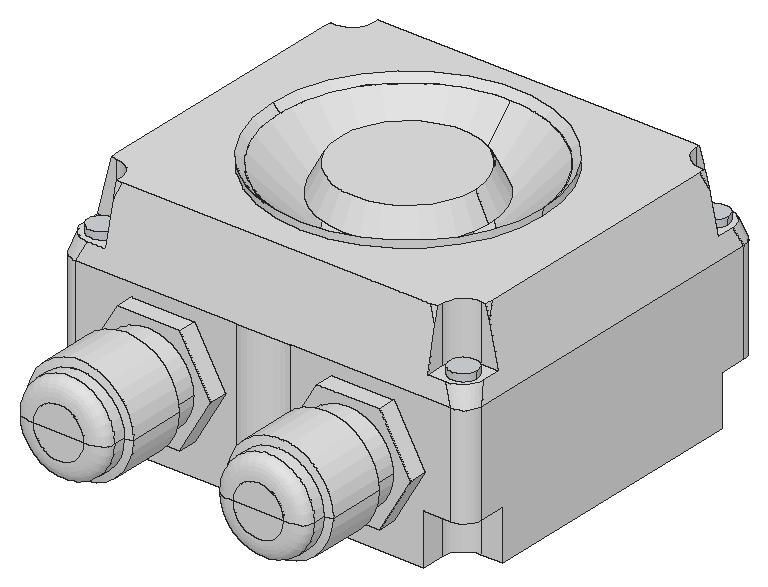
Revit family "Opoveshchatel zvukovoy «ALABAY»", category Датчики, Revit 2023
Family settings
  Размер круглого соединителя = Использовать диаметр
  Тип детали = Нормальный
  Номер OmniClass = 23.85.50.17
  Заголовок OmniClass = Communication and Data Processing Equipment
  На основе рабочей плоскости = Нет
  Всегда вертикально = Да
  При загрузке вырезать с полостями = Нет
  Сохранять ориентацию аннотаций = Нет
  Общий = Нет
  Точка принадлежности помещению = Нет
Parameters (values of type "Оповещатель звуковой «АЛАБАЙ» исп.00")
  Уровень громкости звукового сигнала на расстоянии 1 м, дБ = "Однотональный; - 95±3 дБ"
  Уровень громкости звукового сигнала на 1 м = "не менее 95±3 дБ"
  Ток потребления оповещателя = "20 мА"
  Тип вывода = "Гермовводы"
  Степень защиты обеспечиваемая оболочкой = "IP54"
  Средний срок службы оповещателя = "не менее 10 лет"
  Расстояние между отверстиями 2 = 107 mm
  Расстояние между отверстиями = 68 mm
  Питание, В = "12"
  Отметка по умолчанию = 0 mm
  Описание = "Оповещатель звуковой «АЛАБАЙ» предназначен для подачи звуковых сигналов (трехтональных, либо однотональных, в зависимости от вида исполнения) в системах автоматики, охранной или пожарной сигнализации, привлечения внимания персонала охраны объекта при аварии, тревоге или пожаре. Оповещатель звуковой предназначен для круглосуточной работы, под управляющим напряжением 12 В или 24 В."
  Напряжение питания = "12 (9-14) В"
  Метизы = Металл
  Изготовитель = "ООО НПП \"Магнито-Контакт\""
  Диапазон воспроизводимых частот = "от 200 до 5000 Гц"
  Вид исполнения = "00"
  URL = "https://m-kontakt.ru/produkt/opoveschateli/oz_alabay"
  ADSK_Размер_Ширина = 121 mm
  ADSK_Размер_Длина = 157 mm
  ADSK_Размер_Высота = 67 mm
  ADSK_Примечание = "Оповещатель звуковой устойчив к изменению напряжения питания в диапазоне от 0.75 до 1.15 от номинального значения напряжения питания.Оповещатель звуковой выпускается в климатическом исполнении УХЛ4 по ГОСТ 15150-69. Условия эксплуатации: окружающий воздух с относительной влажностью до 93% при температуре 40°С и с температурой от -40 до +55°С.Соответствует требованиям 2-ой степени жесткости ГОСТ Р 50397 по электромагнитной совместимости."
  ADSK_Обозначение = "АТФЕ.425542.193"
  ADSK_Наименование = "Оповещатель звуковой «АЛАБАЙ»"
  ADSK_Материал = Пластик белый
  ADSK_Масса = 0.5
  ADSK_Завод-изготовитель = "ООО НПП «МАГНИТО-КОНТАКТ»"
  ADSK_Единица измерения = "шт."
Types (8, lengths in mm): name | Уровень громкости звукового сигнала на расстоянии 1 м, дБ | Ток потребления оповещателя | Тип вывода | Питание, В | Напряжение питания | Вид исполнения
  (no name) | "Однотональный; - 95±3 дБ" | "20 мА" | "Гермовводы" | "12" | "12 (9-14) В" | "00"
  Оповещатель звуковой «АЛАБАЙ» исп.00 | "Однотональный; - 95±3 дБ" | "20 мА" | "Гермовводы" | "12" | "12 (9-14) В" | "00"
  Оповещатель звуковой «АЛАБАЙ» исп.01 | "Многотональный (с возможностью выбора тона),95±3 дБ" | "20 мА" | "Гермовводы" | "12" | "12 (9-14) В" | "01"
  Оповещатель звуковой «АЛАБАЙ» исп.02 | "Многотональный (с возможностью выбора тона),95±3 дБ" | "20 мА" | "Вывод КСПВГ (2х0,2), длина 0.5м, Ø3 мм, коричневый «-», белый «+»" | "12" | "12 (9-14) В" | "02"
  Оповещатель звуковой «АЛАБАЙ» исп.03 | "Однотональный, 95±3 дБ" | "80 мА" | "Гермовводы" | "24" | "24 (18-28) В" | "03"
  Оповещатель звуковой «АЛАБАЙ» исп.04 | "Многотональный (с возможностью выбора тона),95±3 дБ" | "80 мА" | "Гермовводы" | "24" | "24 (18-28) В" | "04"
  Оповещатель звуковой «АЛАБАЙ» исп.05 | "Многотональный (с возможностью выбора тона),95±3 дБ, опция удаленного сброса сигнализации" | "80 мА" | "Гермовводы" | "24" | "24 (18-28) В" | "05"
  Оповещатель звуковой «АЛАБАЙ» исп.06 | "Многотональный (с возможностью выбора тона),95±3 дБ" | "80 мА" | "Вывод КСПВГ (2х0,2), длина 0.5м, Ø3 мм, коричневый «-», белый «+»" | "24" | "24 (18-28) В" | "06"
Reference planes
  plane 1 "По центру (Вперед/Назад)": y = 0
  plane 2: z = 0
  plane 3 "По центру (Влево/Вправо)": x = 0
Forms (mm)
  Extrusion 1, solid, material "Пластик белый" <- "ADSK_Материал"
    sketch origin (0, 10.437, 0) x (-1, 0, 0) y (0, -1, 0)
      loop
        arc (-60.5, -38) -> (-59.036, -41.536) -> (-55.5, -43) r 5
        line (-55.5, -43) -> (55.5, -43)
        arc (55.5, -43) -> (59.036, -41.536) -> (60.5, -38) r 5
        line (60.5, -38) -> (60.5, 58.874)
        arc (60.5, 58.874) -> (59.036, 62.41) -> (55.5, 63.874) r 5
        line (55.5, 63.874) -> (-55.5, 63.874)
        arc (-55.5, 63.874) -> (-59.036, 62.41) -> (-60.5, 58.874) r 5
        line (-60.5, 58.874) -> (-60.5, -38)
    from 0 to 45
  Revolve 2, solid, material "Пластик белый" <- "ADSK_Материал"
    sketch origin (27.216, -26.179, 25.312) x (-1, 0, 0) y (0, -1, 0)
      loop
        line (-15.46, 32.446) -> (-1.986, 32.446) -> (-1.986, 65.543) -> (-9.43, 65.543)
        spline (-9.43, 65.543) -> (-10.393, 65.516) -> (-11.272, 65.435) -> (-12.068, 65.3) -> (-12.78, 65.11) -> (-13.408, 64.867) -> (-13.952, 64.57) -> (-14.413, 64.219) -> (-14.79, 63.814) -> (-15.083, 63.354) -> (-15.292, 62.841) -> (-15.418, 62.273) -> (-15.46, 61.652)
        line (-15.46, 61.652) -> (-15.46, 58.222) -> (-17.762, 57.606) -> (-17.762, 40.804) -> (-15.46, 40.804) -> (-15.46, 32.446)
      axis (-1.986, 65.543) -> (-1.986, 32.446)
    angle from 0 to 360
  Extrusion 3, solid, material "Пластик белый" <- "ADSK_Материал"
    sketch origin (48.476, 9.563, -4.58) x (0, 0, 1) y (1, 0, 0)
      loop
        line (29.892, -37.487) -> (45.849, -28.275) -> (45.849, -9.85) -> (29.892, -0.638) -> (13.936, -9.85) -> (13.936, -28.275) -> (29.892, -37.487)
    from -68.437 to -63
  Revolve 4, solid, material "Пластик белый" <- "ADSK_Материал"
    sketch origin (-31.847, -26.179, 25.312) x (-1, 0, 0) y (0, -1, 0)
      loop
        line (-15.46, 32.52) -> (-1.986, 32.52) -> (-1.986, 65.543) -> (-9.43, 65.543)
        spline (-9.43, 65.543) -> (-10.393, 65.516) -> (-11.272, 65.435) -> (-12.068, 65.3) -> (-12.78, 65.11) -> (-13.408, 64.867) -> (-13.952, 64.57) -> (-14.413, 64.219) -> (-14.79, 63.814) -> (-15.083, 63.354) -> (-15.292, 62.841) -> (-15.418, 62.273) -> (-15.46, 61.652)
        line (-15.46, 61.652) -> (-15.46, 58.222) -> (-17.762, 57.606) -> (-17.762, 40.804) -> (-15.46, 40.804) -> (-15.46, 32.52)
      axis (-1.986, 65.543) -> (-1.986, 32.52)
    angle from 0 to 360
  Extrusion 5, solid, material "Пластик белый" <- "ADSK_Материал"
    sketch origin (-10.586, 9.563, -4.58) x (0, 0, 1) y (1, 0, 0)
      loop
        line (29.892, -37.487) -> (45.849, -28.275) -> (45.849, -9.85) -> (29.892, -0.638) -> (13.936, -9.85) -> (13.936, -28.275) -> (29.892, -37.487)
    from -68.437 to -63
  Extrusion 6, void
    sketch origin (0.08, 88.874, 0) x (-1, 0, 0) y (0, -1, 0)
      loop
        line (-60.42, 142.311) -> (-60.42, 129.311) -> (-53.92, 129.311)
        arc (-53.92, 129.311) -> (-49.324, 131.215) -> (-47.42, 135.811) r 6.5
        line (-47.42, 135.811) -> (-47.42, 142.311) -> (-60.42, 142.311)
      loop
        line (-60.42, 35.437) -> (-47.42, 35.437) -> (-47.42, 41.937)
        arc (-47.42, 41.937) -> (-49.324, 46.533) -> (-53.92, 48.437) r 6.5
        line (-53.92, 48.437) -> (-60.42, 48.437) -> (-60.42, 35.437)
      loop
        line (60.58, 35.437) -> (60.58, 48.437) -> (54.08, 48.437)
        arc (54.08, 48.437) -> (49.484, 46.533) -> (47.58, 41.937) r 6.5
        line (47.58, 41.937) -> (47.58, 35.437) -> (60.58, 35.437)
      loop
        line (60.58, 142.311) -> (47.58, 142.311) -> (47.58, 135.811)
        arc (47.58, 135.811) -> (49.484, 131.215) -> (54.08, 129.311) r 6.5
        line (54.08, 129.311) -> (60.58, 129.311) -> (60.58, 142.311)
    from 15 to 0
  Extrusion 7, solid, material "Пластик белый" <- "ADSK_Материал"
    sketch origin (0.08, 88.874, 0) x (-1, 0, 0) y (0, -1, 0)
      loop
        arc (29.114, 28.487) -> (34.113, 23.472) -> (39.114, 28.485) r 5
        arc (39.114, 28.485) -> (40.182, 32.499) -> (43.12, 35.437) r 8
        line (43.12, 35.437) -> (25.12, 35.437)
        arc (25.12, 35.437) -> (28.05, 32.499) -> (29.114, 28.487) r 8
      loop
        arc (-39.936, 28.491) -> (-34.943, 23.477) -> (-29.936, 28.477) r 5
        arc (-29.936, 28.477) -> (-28.863, 32.492) -> (-25.931, 35.437) r 8.049
        line (-25.931, 35.437) -> (-43.931, 35.437)
        arc (-43.931, 35.437) -> (-41.001, 32.5) -> (-39.936, 28.491) r 8
      loop
        circle (0.08, 142.311) r 8
    from 0 to 4
  Extrusion 8, void
    sketch origin (0.08, 88.874, 0) x (-1, 0, 0) y (0, -1, 0)
      loop
        circle (34.087, 28.472) r 3
      loop
        circle (-34.884, 28.472) r 3
    from 0 to 4
  Blend 9, solid, material "Пластик белый" <- "ADSK_Материал"
    base sketch origin (0, 10.437, 45) x (-1, 0, 0) y (0, -1, 0)
      loop
        arc (60.5, 58.874) -> (59.036, 62.41) -> (55.5, 63.874) r 5
        line (55.5, 63.874) -> (-55.5, 63.874)
        arc (-55.5, 63.874) -> (-59.036, 62.41) -> (-60.5, 58.874) r 5
        line (-60.5, 58.874) -> (-60.5, -38)
        arc (-60.5, -38) -> (-59.036, -41.536) -> (-55.5, -43) r 5
        line (-55.5, -43) -> (55.5, -43)
        arc (55.5, -43) -> (59.036, -41.536) -> (60.5, -38) r 5
        line (60.5, -38) -> (60.5, 58.874)
    top sketch origin (0, 10.437, 45) x (-1, 0, 0) y (0, -1, 0)
      loop
        arc (-45.5, 58.874) -> (-52.571, 55.945) -> (-55.5, 48.874) r 10
        line (-55.5, 48.874) -> (-55.5, -28)
        arc (-55.5, -28) -> (-52.571, -35.071) -> (-45.5, -38) r 10
        line (-45.5, -38) -> (45.5, -38)
        arc (45.5, -38) -> (52.571, -35.071) -> (55.5, -28) r 10
        line (55.5, -28) -> (55.5, 48.874)
        arc (55.5, 48.874) -> (52.571, 55.945) -> (45.5, 58.874) r 10
        line (45.5, 58.874) -> (-45.5, 58.874)
    from 0 to 22
  Extrusion 10, void
    sketch origin (0, 10.437, 45) x (0, -1, 0) y (-1, 0, 0)
      loop
        arc (50.874, 54) -> (52.778, 49.404) -> (57.374, 47.5) r 6.5
        line (57.374, 47.5) -> (63.874, 47.5) -> (63.874, 60.5) -> (50.874, 60.5) -> (50.874, 54)
      loop
        arc (-36.5, 47.5) -> (-31.904, 49.404) -> (-30, 54) r 6.5
        line (-30, 54) -> (-30, 60.5) -> (-43, 60.5) -> (-43, 47.5) -> (-36.5, 47.5)
      loop
        line (-36.5, -47.5) -> (-43, -47.5) -> (-43, -60.5) -> (-30, -60.5) -> (-30, -54)
        arc (-30, -54) -> (-31.904, -49.404) -> (-36.5, -47.5) r 6.5
      loop
        line (50.874, -54) -> (50.874, -60.5) -> (63.874, -60.5) -> (63.874, -47.5) -> (57.374, -47.5)
        arc (57.374, -47.5) -> (52.778, -49.404) -> (50.874, -54) r 6.5
    from -22 to -5.535
  Revolve 11, void
    sketch origin (0, 0, 0) x (0, 1, 0) y (0, 0, 1)
      loop
        line (0, 67) -> (0, 49.322) -> (20.322, 49.322) -> (38, 67) -> (0, 67)
      axis (0, 67) -> (0, 49.322)
    angle from 0 to 360
  Extrusion 12, solid, material "Пластик белый" <- "ADSK_Материал"
    sketch origin (0, 10.437, 57) x (-1, 0, 0) y (0, -1, 0)
      loop
        circle (0, 10.437) r 40
      loop
        circle (0, 10.437) r 38
    from 10 to 12
  Extrusion 13, solid, material "Пластик белый" <- "ADSK_Материал"
    sketch origin (0, 10.437, 57) x (-1, 0, 0) y (0, -1, 0)
      loop
        circle (0, 10.437) r 15
    from -7.678 to 2.281
  Blend 14, solid, material "Пластик белый" <- "ADSK_Материал"
    base sketch origin (0, 10.437, 57) x (-1, 0, 0) y (0, -1, 0)
      loop
        circle (0, 10.437) r 24
    top sketch origin (0, 10.437, 57) x (-1, 0, 0) y (0, -1, 0)
      loop
        circle (0, 10.437) r 20
    from 2.281 to 10
  Extrusion 15, solid
    sketch origin (0, 10.437, 57) x (-1, 0, 0) y (0, -1, 0)
      loop
        circle (53.454, 56.863) r 3.991
      loop
        circle (53.548, -35.991) r 4
      loop
        circle (-53.515, 56.884) r 4
      loop
        circle (-53.5, -36) r 4
    from -6.465 to -4.5
  Extrusion 16, void
    sketch origin (0, 10.437, 0) x (-1, 0, 0) y (0, -1, 0)
      loop
        line (8, 63.874) -> (-8, 63.874)
        arc (-8, 63.874) -> (0, 55.874) -> (8, 63.874) r 8
    from 0 to 45
  Extrusion 17, void
    sketch origin (0, 10.437, 0) x (-1, 0, 0) y (0, -1, 0)
      loop
        circle (0, 64) r 4
    from 0 to 4
  Revolve 18, void
    sketch origin (0, 0, 0) x (1, 0, 0) y (0, 0, 1)
      loop
        line (-40, 69) -> (-38, 67) -> (-38, 69) -> (-40, 69)
      axis (0, 67) -> (0, 69)
    angle from 0 to 360
Cuts and joins
  Extrusion 6, Extrusion 10, Extrusion 16 cuts Extrusion 1
  Extrusion 8, Extrusion 17 cuts Extrusion 7
  Extrusion 10, Revolve 11, Extrusion 16, Extrusion 17 cuts Blend 9
  Revolve 18 cuts Extrusion 12
Dimensions and locks
  aligned and locked: level to plane 2
Connectors
  electrical at (0, 0, 0)
    settings: index 1, voltage 0 V, apparent load 0 VA, apparent load phase1 0 VA, apparent load phase2 0 VA, apparent load phase3 0 VA, power factor 1, load classification "Прочее", number of poles 1, system type 12, power factor state 1, is connector primary yes, connector utility no, sub classification motor no, connector description ""
